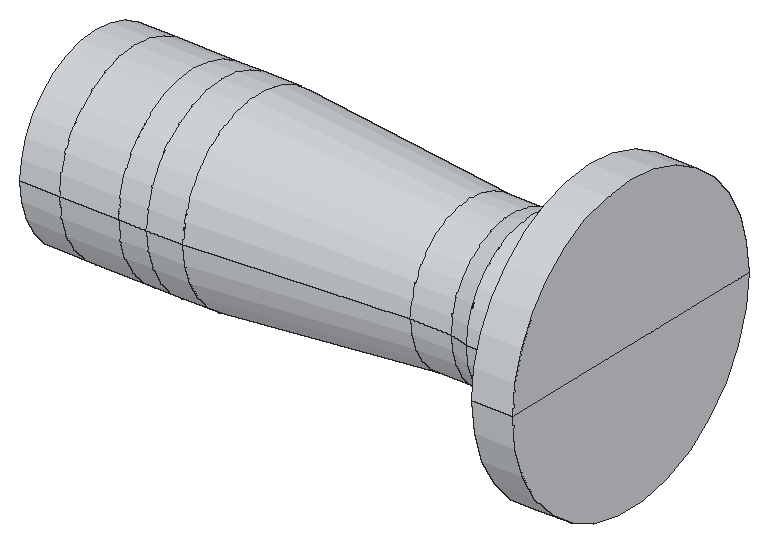
Revit family "8215d2d032114163bb0ce2c03cfedffc", category Pipe Fittings, Revit 2021
Family settings
  Round Connector Dimension = Use Radius
  Part Type = Transition
  OmniClass Number = 23.60.30.11.14
  OmniClass Title = Pipework Fittings
  Work Plane-Based = No
  Always vertical = Yes
  Cut with Voids When Loaded = No
  Shared = No
Parameters (values of type "Standard")
  Visibility 2 [instance] = Nominal Diameter 2 > Nominal Diameter 1  # no
  Visibility 1 [instance] = Nominal Diameter 1 > Nominal Diameter 2  # yes
  URL = ""
  Type Comments = ""
  Tick Size 2 [instance] = if(Nominal Diameter 1 > Nominal Diameter 2, Min Tick Size 12, Max Tick Size 12)  # 1.5280"
  Tick Size 1 [instance] = if(Nominal Diameter 1 > Nominal Diameter 2, Max Tick Size 12, Min Tick Size 12)  # 1.9200"
  Min Tick Size 12 [instance] = Min Fitting Outside Diameter 12 * 0.4  # 1.5280"
  Max Tick Size 12 [instance] = Max Fitting Outside Diameter 12 * 0.4  # 1.9200"
  Socket Outside Radius 2 [instance] = Socket Outside Diameter 2 / 2  # 2.0850"
  Socket Outside Radius 1 [instance] = Socket Outside Diameter 1 / 2  # 2.4000"
  Socket Outside Diameter 2 [instance] = if(Nominal Diameter 1 > Nominal Diameter 2, Min Socket Outside Diameter 12, Fitting Outside Diameter 2)  # 4.1700"
  Socket Outside Diameter 1 [instance] = if(Nominal Diameter 1 > Nominal Diameter 2, Fitting Outside Diameter 1, Min Socket Outside Diameter 12)  # 4.8000"
  Socket Depth 2 [instance] = if(Nominal Diameter 2 < 14.0000", 2.5000", if(Nominal Diameter 2 < 30.0000", 3.5000", 4.0000"))  # 2.5000"
  Socket Depth 1 [instance] = if(Nominal Diameter 1 < 14.0000", 2.5000", if(Nominal Diameter 1 < 30.0000", 3.5000", 4.0000"))  # 2.5000"
  Min Socket Outside Diameter 12 [instance] = size_lookup(Lookup Table Name, "SOD", 1.1 * Min Nominal Diameter 12 + 0.8700", Min Nominal Diameter 12)  # 4.1700"
  Max Socket Outside Diameter 12 [instance] = size_lookup(Lookup Table Name, "SOD", 1.04 * Max Nominal Diameter 12 + 0.1300", Max Nominal Diameter 12)  # 5.4500"
  Nominal Radius 2 [instance] = 1.5000"
  Nominal Radius 1 [instance] = 2.0000"
  Nominal Diameter 2 [instance] = Nominal Radius 2 * 2  # 3.0000"
  Nominal Diameter 1 [instance] = Nominal Radius 1 * 2  # 4.0000"
  Min Nominal Diameter 12 [instance] = if(Nominal Diameter 1 > Nominal Diameter 2, Nominal Diameter 2, Nominal Diameter 1)  # 3.0000"
  Max Nominal Diameter 12 [instance] = if(Nominal Diameter 1 > Nominal Diameter 2, Nominal Diameter 1, Nominal Diameter 2)  # 4.0000"
  Manufacturer = ""
  Loss Method = K Coefficient from Table
  Lookup Table Name = "Reducer - PE x MJ - DI - Class 350"
  Length [instance] = size_lookup(Lookup Table Name, "Lgt", 2 * Max Nominal Diameter 12 + Socket Depth 1 - Socket Depth 2, Max Nominal Diameter 12, Min Nominal Diameter 12)  # 13.6200"
  K Coefficient Table = "Reducer/Coupling/Union/Increaser"
  Fitting Outside Radius 2 [instance] = Fitting Outside Diameter 2 / 2  # 1.9100"
  Fitting Outside Radius 1 [instance] = Fitting Outside Diameter 1 / 2  # 2.4000"
  Min Fitting Outside Diameter 12 [instance] = size_lookup(Lookup Table Name, "FOD", 1.04 * Min Nominal Diameter 12 + 0.7000", Min Nominal Diameter 12)  # 3.8200"
  Max Fitting Outside Diameter 12 [instance] = size_lookup(Lookup Table Name, "FOD", 1.04 * Max Nominal Diameter 12 + 0.7000", Max Nominal Diameter 12)  # 4.8000"
  built-in parameter 1114238 [instance] = (empty or 0)
  Fitting Outside Diameter 2 [instance] = if(Nominal Diameter 1 > Nominal Diameter 2, Min Fitting Outside Diameter 12, Max Fitting Outside Diameter 12)  # 3.8200"
  Fitting Outside Diameter 1 [instance] = if(Nominal Diameter 1 > Nominal Diameter 2, Max Fitting Outside Diameter 12, Min Fitting Outside Diameter 12)  # 4.8000"
  Description = ""
  Default Elevation = 0.0000"
  Bevel Length 2 [instance] = size_lookup(Lookup Table Name, "BvLgt", 0.04 * Nominal Diameter 2 + 0.4300", Nominal Diameter 2)  # 0.5500"
  Bevel Length 1 [instance] = size_lookup(Lookup Table Name, "BvLgt", 0.04 * Nominal Diameter 1 + 0.4300", Nominal Diameter 1)  # 0.6500"
  Gland Width 2 [instance] = size_lookup(Lookup Table Name, "GWid", 0.03 * Nominal Diameter 2 + 0.9400", Nominal Diameter 2)  # 1.0300"
  Gland Width 1 [instance] = size_lookup(Lookup Table Name, "GWid", 0.03 * Nominal Diameter 1 + 0.9400", Nominal Diameter 1)  # 1.0000"
  Gland Outside Radius 1 [instance] = Gland Outside Diameter 1 / 2  # 2.4000"
  Gland Outside Radius 2 [instance] = Gland Outside Diameter 2 / 2  # 3.7550"
  Max Gland Outside Diameter 12 [instance] = size_lookup(Lookup Table Name, "GOD", 1.16 * Max Nominal Diameter 12 + 4.0300", Max Nominal Diameter 12)  # 9.1200"
  Min Gland Outside Diameter 12 [instance] = size_lookup(Lookup Table Name, "GOD", 1.16 * Min Nominal Diameter 12 + 4.0300", Min Nominal Diameter 12)  # 7.5100"
  Gland Outside Diameter 2 [instance] = if(Nominal Diameter 1 > Nominal Diameter 2, Min Gland Outside Diameter 12, Fitting Outside Diameter 2)  # 7.5100"
  Gland Outside Diameter 1 [instance] = if(Nominal Diameter 1 > Nominal Diameter 2, Fitting Outside Diameter 1, Min Gland Outside Diameter 12)  # 4.8000"
  Assembly Code = ""
Reference planes (in)
  plane 1 "Center (Front/Back)": y = 0
  plane 2: z = 0
  plane 3 "Center (Left/Right)": x = 0
  plane 4 "Right": x = 13.62
  plane 5 "TK1 Top": y = 1.92
  plane 6 "TK1 Bottom": y = -1.92
  plane 7 "TK2 Top": y = 1.528
  plane 8 "TK2 Bottom": y = -1.528
  plane 9: y = 2.4
  plane 10: y = 2.4
  plane 11: x = 2.5
  plane 12: x = 3.15
  plane 13: y = 2.4
  plane 14 "SD2R": x = 11.12
  plane 15: x = 1
  plane 16: x = 12.59
  plane 17: x = 10.57
  plane 18: y = 1.91
  plane 19: y = 2.085
  plane 20: y = 3.755
  plane 21: x = 4.15
  plane 22: x = 9.54
Forms (in)
  Extrusion 1, solid, not visible
    sketch origin (0, 0, 0) x (0, 1, 0) y (0, 0, 1)
      loop
        circle (0, 0) r 1
    from 0 to 13.62
  Revolve 2, solid, detail levels fine
    sketch origin (0, 0, 0) x (1, 0, 0) y (0, 1, 0)
      loop
        line (1, 2.4) -> (1, 0) -> (12.59, 0) -> (12.59, 2.085) -> (11.12, 2.085) -> (10.57, 1.91) -> (9.54, 1.91) -> (4.15, 2.4) -> (3.2, 2.4) -> (2.5, 2.4) -> (1, 2.4)
      axis (1, 0) -> (12.59, 0)
    angle from 0 to 360
  Revolve 3, solid, detail levels fine
    sketch origin (0, 0, 0) x (1, 0, 0) y (0, 1, 0)
      loop
        line (0, 0) -> (1, 0) -> (1, 2.4) -> (0, 2.4) -> (0, 0)
      loop
        line (13.62, 0) -> (13.62, 3.755) -> (12.59, 3.755) -> (12.59, 0) -> (13.62, 0)
      axis (0, 0) -> (13.62, 0)
    angle from 0 to 360
Cuts and joins
  joined: Revolve 2, Revolve 3
Lines and regions (in)
  model lines, detail levels coarse+medium
    curve 1: line (0, 0, 0) -> (0, 1.92, 0)
    curve 2: line (0, -1.92, 0) -> (0, 0, 0)
    curve 3: line (13.62, 0, 0) -> (13.62, 1.528, 0)
    curve 4: line (13.62, 0, 0) -> (13.62, -1.528, 0)
  model lines, style "PipeFitting", visible <- "Visibility 1", detail levels coarse+medium
    curve 5: line (0, 1.92, 0) -> (13.62, 0, 0)
    curve 6: line (0, -1.92, 0) -> (13.62, 0, 0)
  model lines, style "PipeFitting", visible <- "Visibility 2", detail levels coarse+medium
    curve 7: line (13.62, 1.528, 0) -> (0, 0, 0)
    curve 8: line (0, 0, 0) -> (13.62, -1.528, 0)
Dimensions and locks (in)
  "Tick Size 1": plane 5 "TK1 Top" to plane 1 "Center (Front/Back)"
  "Tick Size 1": plane 6 "TK1 Bottom" to plane 1 "Center (Front/Back)"
  "Tick Size 2": plane 7 "TK2 Top" to plane 1 "Center (Front/Back)"
  "Tick Size 2": plane 8 "TK2 Bottom" to plane 1 "Center (Front/Back)"
  "Gland Outside Radius 1": plane 9 to plane 1 "Center (Front/Back)"
  "Socket Outside Radius 1": plane 1 "Center (Front/Back)" to plane 10
  "Fitting Outside Radius 1": plane 13 to plane 1 "Center (Front/Back)"
  "Length": plane 3 "Center (Left/Right)" to plane 4 "Right"
  "Socket Depth 2": plane 14 "SD2R" to plane 4 "Right"
  "Socket Depth 1": plane 3 "Center (Left/Right)" to plane 11
  "Gland Width 1": plane 3 "Center (Left/Right)" to plane 15
  "Gland Width 2": plane 16 to plane 4 "Right"
  "Bevel Length 1": plane 11 to plane 12
  "Bevel Length 2": plane 17 to plane 14 "SD2R"
  "Fitting Outside Radius 2": plane 18 to plane 1 "Center (Front/Back)"
  "Socket Outside Radius 2": plane 19 to plane 1 "Center (Front/Back)"
  "Gland Outside Radius 2": plane 20 to plane 1 "Center (Front/Back)"
  "Gland Width 1": plane 12 to plane 21
  "Gland Width 2": plane 22 to plane 17
  radius of Extrusion 1 sketch curve = 1.0000"
  aligned and locked: plane 2 to level
  aligned and locked: plane 2 to Extrusion 1 sketch curve
  aligned and locked: plane 1 "Center (Front/Back)" to Extrusion 1 sketch curve
  aligned and locked: Extrusion 1 to plane 3 "Center (Left/Right)"
  aligned and locked: plane 4 "Right" to Extrusion 1
  aligned and locked: plane 1 "Center (Front/Back)" to curve 2
  aligned and locked: plane 3 "Center (Left/Right)" to curve 1
  aligned and locked: plane 3 "Center (Left/Right)" to curve 2
  aligned and locked: plane 5 "TK1 Top" to curve 1
  aligned and locked: plane 6 "TK1 Bottom" to curve 2
  aligned and locked: curve 3 to plane 7 "TK2 Top"
  aligned and locked: curve 4 to plane 4 "Right"
  aligned and locked: plane 1 "Center (Front/Back)" to Revolve 2 sketch curve
  aligned and locked: Revolve 2 sketch curve to plane 10
  aligned and locked: plane 11 to Revolve 2 sketch curve
  aligned and locked: plane 14 "SD2R" to Revolve 2 sketch curve
  aligned and locked: plane 19 to Revolve 2 sketch curve
  aligned and locked: Revolve 2 sketch curve to Revolve 2 sketch curve
  aligned and locked: Revolve 2 sketch curve to plane 18
  aligned and locked: plane 22 to Revolve 2 sketch curve
  aligned and locked: Revolve 2 sketch curve to plane 13
  aligned and locked: plane 21 to Revolve 2 sketch curve
  aligned and locked: Revolve 3 sketch curve to plane 15
  aligned and locked: Revolve 3 sketch curve to plane 9
  aligned and locked: plane 20 to Revolve 3 sketch curve
  aligned and locked: plane 16 to Revolve 3 sketch curve
  aligned and locked: plane 4 "Right" to Revolve 3 sketch curve
  aligned and locked: Revolve 3 sketch curve to Revolve 3 sketch curve  (x2)
  aligned and locked: plane 3 "Center (Left/Right)" to Revolve 3 sketch curve
  aligned and locked: plane 15 to Revolve 2 sketch curve
  aligned and locked: plane 16 to Revolve 2 sketch curve
Automatic sketch dimensions
  plane 8 "TK2 Bottom" to curve 8 = 0.0000"
  plane 1 "Center (Front/Back)" to curve 4 = 0.0000"
  plane 1 "Center (Front/Back)" to Revolve 3 sketch curve = 0.0000"
  Revolve 3 sketch curve to plane 3 "Center (Left/Right)" = 9.7500"
  Revolve 3 sketch curve to Revolve 3 sketch curve = 7.2500"
  Revolve 2 sketch curve to plane 17 = 0.0000"
  Revolve 2 sketch curve to plane 3 "Center (Left/Right)" = 9.7500"
  Revolve 2 sketch curve to plane 12 = 0.0500"
  Revolve 2 sketch curve to Revolve 2 sketch curve = 8.3100"
Connectors (in)
  piping at (0, 0, 0), diameter 4, driven by "Nominal Radius 1"
    settings: on Extrusion 1, index 1, connector inside diameter 4.0000", connector length 0.0000", flow factor 0, pipe flow 0 GPM, pressure drop 0.00 psi, fitting loss kfactor 0, connector angle 0.00°, fixture units 0, engagement length 0.0000", angle of deflection 0.00°, flow configuration 0, flow direction 0, fitting loss method 0, system type 28, joint type 0, gender type 0, connector reference index 2, connector utility 0, adjustable connector no, is connector primary yes, connector description ""
  piping at (13.62, 0, 0), diameter 3, driven by "Nominal Radius 2"
    settings: on Extrusion 1, index 2, connector inside diameter 3.0000", connector length 0.0000", flow factor 0, pipe flow 0 GPM, pressure drop 0.00 psi, fitting loss kfactor 0, connector angle 0.00°, fixture units 0, engagement length 0.0000", angle of deflection 0.00°, flow configuration 0, flow direction 0, fitting loss method 0, system type 28, joint type 0, gender type 0, connector reference index 1, connector utility 0, adjustable connector no, is connector primary no, connector description ""
